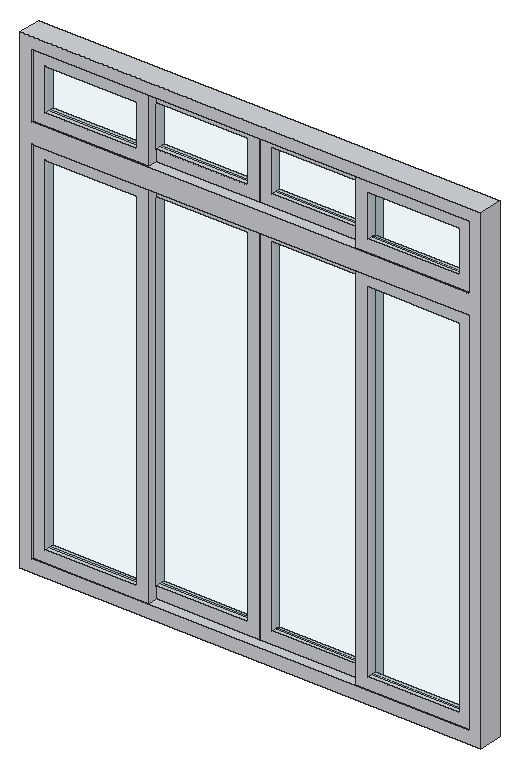
Revit family "DW1_DW5_落地鋁門窗1", category 窗, Revit 2014
Parameters (values of type "240 x 250 cm")
  熱阻 (R) = 0.271106 (m²·K)/W
  Visual Light Transmittance = 0.9
  Solar Heat Gain Coefficient = 0.78
  營造類型 Id = "GSP4R"
  Height = 2500 mm
  傳熱係數 (U) = 3.6886 W/(m²·K)
  預設窗台高度 = 0 mm
  關鍵註記 = "四開落地門-有氣窗"
  Rough Height = Height  # 2500 mm
  Rough Width = Width  # 2400 mm
  裝飾外框寬度 = 60 mm
  玻璃材質 = 玻璃
  牆封閉 = 依主體
  裝飾外框材料 = none
  裝飾外框厚度 = 120 mm
  Width = 2400 mm
  操作 = "垂直雙重面板"
  內部框架材料 = none
  內框寬度 = 60 mm
  內框厚度 = 50 mm
  中樘寬度 = 100 mm
  下窗_高度 = 1940 mm
  解析營造 = "1/8 英吋 Pilkington 單層鑲嵌玻璃"
Types (2, lengths in mm): name | Height | Rough Height | Rough Width | Width | 下窗_高度
  240 x 250 cm | 2500 | 2500 | 2400 | 2400 | 1940
  300 x 235 cm | 2350 | 2350 | 3000 | 3000 | 1790
Reference planes
  plane 1: y = -180
  plane 2 "中心 (左/右)": x = 0
  plane 3 "左": x = -1200
  plane 4 "右": x = 1200
  plane 5 "窗台": z = 0
  plane 6 "窗頂": z = 2500
  plane 7 "外部": y = -105
  plane 8 "內部": y = -255
  plane 9: y = -120
  plane 10: y = -240
  plane 11: x = -1140
  plane 12: x = 1140
  plane 13: z = 2440
  plane 14: z = 60
  plane 15: x = -570
  plane 16: x = 570
  plane 17: x = -600
  plane 18: x = -540
  plane 19: x = 540
  plane 20: x = 600
  plane 21: z = 2100
  plane 22: z = 2000
Forms (mm)
  Extrusion 1, solid, material <- "裝飾外框材料"
    sketch origin (0, -180, 0) x (1, 0, 0) y (0, 0, 1)
      loop
        line (-1200, 2500) -> (-1200, 0) -> (1200, 0) -> (1200, 2500) -> (-1200, 2500)
      loop
        line (-1140, 2440) -> (-1140, 2100) -> (1140, 2100) -> (1140, 2440) -> (-1140, 2440)
      loop
        line (-1140, 60) -> (1140, 60) -> (1140, 2000) -> (-1140, 2000) -> (-1140, 60)
    from 60 to -60
Lines and regions (mm)
  Opening 1
    outline origin (3442.648, -255, 0) x (1, 0, 0) y (0, 0, 1)
      loop
        line (-2242.648, 0) -> (-2242.648, 2500) -> (-4642.648, 2500) -> (-4642.648, 0) -> (-2242.648, 0)
Text (mm)
  text "外部" at (-1963.203, 1332.353, 0), in view "參考樓層"
  text "內部" at (-1981.466, -818.386, 0), in view "參考樓層"
  text "外部" at (0, 923.751, 2943.296), in view "右"
  text "外部" at (0, 1040.484, 2685.409), in view "左"
Dimensions and locks
  equal spacing: plane 3 "左", plane 2 "中心 (左/右)", plane 4 "右"
  "Width": plane 3 "左" to plane 4 "右"
  "Height": plane 5 "窗台" to plane 6 "窗頂"
  "預設窗台高度": plane 5 "窗台" to level
  locked: plane 7 "外部" to host wall at 0
  locked: plane 8 "內部" to host wall
  equal spacing: plane 9, plane 1, plane 10
  "裝飾外框厚度": plane 9 to plane 10
  "裝飾外框寬度": plane 6 "窗頂" to plane 13
  "裝飾外框寬度": plane 14 to plane 5 "窗台"
  "裝飾外框寬度": plane 3 "左" to plane 11
  "裝飾外框寬度": plane 12 to plane 4 "右"
  equal spacing: plane 11, plane 15, plane 2 "中心 (左/右)"
  equal spacing: plane 2 "中心 (左/右)", plane 16, plane 12
  equal spacing: plane 17, plane 15, plane 18
  equal spacing: plane 19, plane 16, plane 20
  "內框寬度": plane 17 to plane 18
  "內框寬度": plane 19 to plane 20
  "下窗_高度": plane 14 to plane 22
  "中樘寬度": plane 22 to plane 21
  aligned and locked: plane 1 to nested 1
  aligned and locked: plane 1 to nested 2
  aligned and locked: plane 1 to host wall
  aligned and locked: host wall to Extrusion 1 sketch curve
  aligned and locked: Extrusion 1 sketch curve to host wall  (x3)
  aligned and locked: Opening 1 sketch curve to plane 6 "窗頂"
  aligned and locked: Opening 1 sketch curve to plane 4 "右"
  aligned and locked: Opening 1 sketch curve to plane 5 "窗台"
  aligned and locked: Opening 1 sketch curve to plane 3 "左"
  aligned and locked: Extrusion 1 sketch curve to plane 13
  aligned and locked: plane 11 to Extrusion 1 sketch curve
  aligned and locked: Extrusion 1 sketch curve to plane 12
  aligned and locked: plane 14 to Extrusion 1 sketch curve
  aligned and locked: plane 14 to nested 2
  aligned and locked: nested 1 to plane 14
  aligned and locked: plane 12 to nested 2
  aligned and locked: Extrusion 1 to plane 9
  aligned and locked: Extrusion 1 to plane 10
  aligned and locked: plane 19 to nested 2
  aligned and locked: nested 1 to plane 20
  aligned and locked: nested 1 to plane 2 "中心 (左/右)"
  aligned and locked: nested 3 to plane 2 "中心 (左/右)"
  aligned and locked: nested 3 to plane 17
  aligned and locked: plane 18 to nested 4
  aligned and locked: plane 11 to nested 4
  aligned and locked: nested 4 to plane 1
  aligned and locked: plane 1 to nested 3
  aligned and locked: nested 4 to plane 14
  aligned and locked: plane 14 to nested 3
  aligned and locked: plane 21 to Extrusion 1 sketch curve
  aligned and locked: Extrusion 1 sketch curve to plane 22
  aligned and locked: nested 2 to plane 22
  aligned and locked: plane 22 to nested 1
  aligned and locked: nested 3 to plane 22
  aligned and locked: plane 22 to nested 4
  aligned and locked: nested 5 to plane 13
  aligned and locked: plane 13 to nested 6
  aligned and locked: plane 13 to nested 7
  aligned and locked: nested 8 to plane 13
  aligned and locked: nested 5 to plane 21
  aligned and locked: plane 21 to nested 6
  aligned and locked: plane 21 to nested 7
  aligned and locked: nested 8 to plane 21
  aligned and locked: nested 5 to plane 2 "中心 (左/右)"
  aligned and locked: nested 7 to plane 2 "中心 (左/右)"
  aligned and locked: nested 5 to plane 20
  aligned and locked: plane 19 to nested 6
  aligned and locked: plane 12 to nested 6
  aligned and locked: nested 7 to plane 17
  aligned and locked: plane 11 to nested 8
  aligned and locked: plane 18 to nested 8
  aligned and locked: nested 8 to plane 1
  aligned and locked: nested 7 to plane 1
  aligned and locked: plane 1 to nested 5
  aligned and locked: plane 1 to nested 6
Automatic sketch dimensions
  Extrusion 1 sketch curve to Extrusion 1 sketch curve = 0 mm
  Extrusion 1 sketch curve to plane 12 = 0 mm
Nested families
  nested 1: "窗框" at (32.572, -1099.367, -940), type "窗框"
    with Height 1940 mm, Width 600 mm
  nested 2: "窗框" at (572.572, 739.367, -940), type "窗框"
    with Height 1940 mm, Width 600 mm
  nested 3: "窗框" at (-32.572, -1099.367, -940) x (-1, 0, 0) z (0, 0, 1), type "窗框"
    with Height 1940 mm, Width 600 mm
  nested 4: "窗框" at (-572.572, 739.367, -940) x (-1, 0, 0) z (0, 0, 1), type "窗框"
    with Height 1940 mm, Width 600 mm
  nested 5: "窗框" at (32.572, -1099.367, 1100), type "窗框"
    with Height 340 mm, Width 600 mm
  nested 6: "窗框" at (572.572, 739.367, 1100), type "窗框"
    with Height 340 mm, Width 600 mm
  nested 7: "窗框" at (-32.572, -1099.367, 1100) x (-1, 0, 0) z (0, 0, 1), type "窗框"
    with Height 340 mm, Width 600 mm
  nested 8: "窗框" at (-572.572, 739.367, 1100) x (-1, 0, 0) z (0, 0, 1), type "窗框"
    with Height 340 mm, Width 600 mm
Definition of nested family "窗框"
  Parameters (values of type "窗框")
    Height [instance] = 500 mm
    護桿寬度 = 20 mm
    護桿厚度 = 10 mm
    Analytic Construction = "<無>"
    Rough Height = 500 mm
    Rough Width = 600 mm
    Width [instance] = 600 mm
    裝飾外框材料 = none
    玻璃材質 = 玻璃
    玻璃厚度 = 10 mm
    裝飾外框寬度 = 60 mm
    裝飾外框厚度 = 50 mm
    Assembly Code = ""
  Reference planes
    plane 1 "中心 (前/後)": y = -919.367
    plane 2: z = 0
    plane 3 "中心 (左/右)": x = 267.428
    plane 4 "玻璃-上": y = -939.367
    plane 5 "玻璃-下": y = -949.367
    plane 6: y = -969.367
    plane 7: x = -32.572
    plane 8: x = 567.428
    plane 9: x = 27.428
    plane 10: x = 507.428
    plane 11: z = 1440
    plane 12: z = 1500
    plane 13: z = 1060
    plane 14: z = 1000
    plane 15: y = -944.367
  Forms (mm)
    Extrusion 1, solid, material "玻璃" <- "玻璃材質"
      sketch origin (-1499.274, -944.367, 1200) x (-1, 0, 0) y (0, 0, 1)
        loop
          line (-1526.702, 240) -> (-2006.702, 240) -> (-2006.702, -140) -> (-1526.702, -140) -> (-1526.702, 240)
      from -5 to 5
    Extrusion 2, solid, material <- "裝飾外框材料"
      sketch origin (-1499.274, -944.367, 1200) x (-1, 0, 0) y (0, 0, 1)
        loop
          line (-1466.702, 300) -> (-2066.702, 300) -> (-2066.702, -200) -> (-1466.702, -200) -> (-1466.702, 300)
        loop
          line (-1526.702, 240) -> (-2006.702, 240) -> (-2006.702, -140) -> (-1526.702, -140) -> (-1526.702, 240)
      from -25 to 25
  Dimensions and locks
    equal spacing: plane 10, plane 3 "中心 (左/右)", plane 9
    "裝飾外框寬度": plane 8 to plane 10
    "裝飾外框寬度": plane 9 to plane 7
    "裝飾外框寬度": plane 12 to plane 11
    "Width": plane 8 to plane 7
    "裝飾外框寬度": plane 13 to plane 14
    "Height": plane 12 to plane 14
    plane 14 to level = 1000 mm
    equal spacing: plane 4 "玻璃-上", plane 15, plane 5 "玻璃-下"
    "玻璃厚度": plane 4 "玻璃-上" to plane 5 "玻璃-下"
    equal spacing: plane 6, plane 15, plane 1 "中心 (前/後)"
    "裝飾外框厚度": plane 6 to plane 1 "中心 (前/後)"
    aligned and locked: Extrusion 1 sketch curve to plane 11
    aligned and locked: plane 9 to Extrusion 1 sketch curve
    aligned and locked: Extrusion 1 sketch curve to plane 10
    aligned and locked: plane 13 to Extrusion 1 sketch curve
    aligned and locked: plane 7 to Extrusion 2 sketch curve
    aligned and locked: Extrusion 2 sketch curve to plane 12
    aligned and locked: Extrusion 2 sketch curve to plane 8
    aligned and locked: plane 9 to Extrusion 2 sketch curve
    aligned and locked: plane 13 to Extrusion 2 sketch curve
    aligned and locked: Extrusion 2 sketch curve to plane 10
    aligned and locked: Extrusion 2 sketch curve to plane 11
    aligned and locked: Extrusion 2 sketch curve to plane 14
    aligned and locked: plane 2 to level
    aligned and locked: plane 6 to Extrusion 2
    aligned and locked: plane 1 "中心 (前/後)" to Extrusion 2
    aligned and locked: plane 5 "玻璃-下" to Extrusion 1
    aligned and locked: plane 4 "玻璃-上" to Extrusion 1
